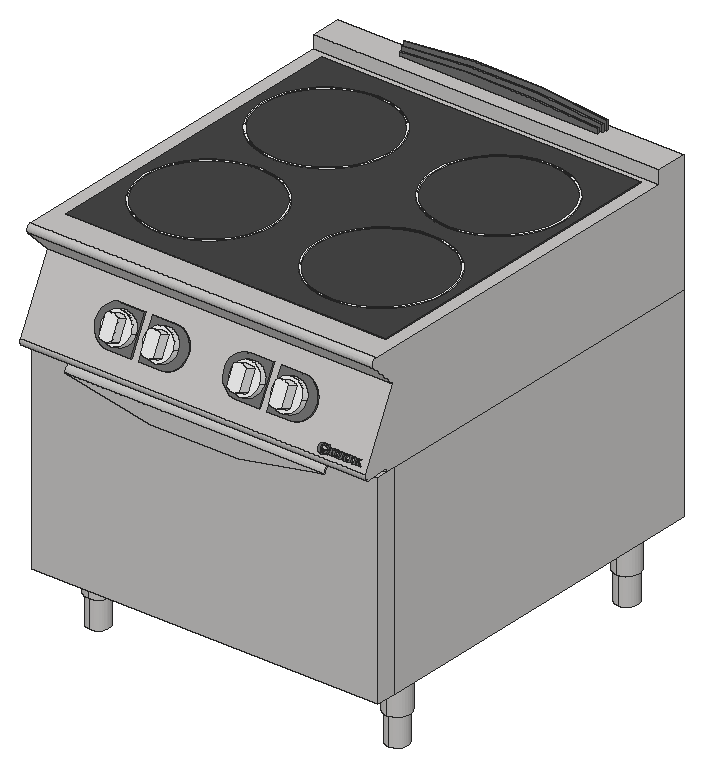
Revit family "QF_GIORIK_CV940E", category Specialty Equipment, Revit 2014
Parameters (values of type "CV940E")
  Weight in Pounds = 341.7161
  Watts = 18000 W
  Volts = 400 V
  URL Cutsheet = "www.giorik.com"
  URL = "www.giorik.com"
  Status [instance] = ""
  Specification by User [instance] = ""
  Specification by Manufacturer = ""
  Show Logo [instance] = yes
  Show Clearance [instance] = yes
  Serial Number = ""
  Seismic Rating = ""
  SMACNA No = ""
  Revision Code [instance] = ""
  Phase = 3
  Number of Poles [instance] = 3
  NAFEM Spec ID Number = ""
  Model = "CV940E"
  Min Ckt Ampacity = 0 A
  Max Overcurrent Protection = 0 A
  Masterspec = ""
  Manufacturer = "GIORIK"
  Item Number [instance] = ""
  Installed By [instance] = ""
  Identify Quantity as Lot [instance] = no
  HP = "24.138360000000"
  Furnished By [instance] = ""
  Foodservice Equipment Identifier [instance] = yes
  FL Amps = 0 A
  Electrical Remarks [instance] = ""
  Electric Connection Type [instance] = ""
  Elec Conn RI Height [instance] = 0 mm
  Elec Conn Connection Height [instance] = 150 mm
  Description = "CERAMIC GLASS HOB ON ELECTRIC OVEN"
  Cycle = 50 Hz
  Conn Plug = ""
  CSI MasterFormat = ""
  Assembly Code = "E1090320"
  Apparent Power = 18000 VA
Reference planes
  plane 1 "Back": y = 0
  plane 2: z = 0
  plane 3 "Left": x = 0
  plane 4 "Right": x = 800
  plane 5 "Front": y = -920
  plane 6 "Top": z = 900
Forms (mm)
  Extrusion 1, solid, visible <- "Show Logo"
    sketch origin (591.604, -936.624, 609.486) x (-1, 0, 0) y (0, 0.452718, 0.891654)
      loop
        line (-118.824, 58.358) -> (-127.804, 58.358) -> (-125.523, 56.445) -> (-125.523, 48.027) -> (-127.804, 46.113) -> (-118.824, 46.113) -> (-121.105, 48.027) -> (-121.105, 56.445) -> (-118.824, 58.358)
      loop
        line (-163.721, 58.358) -> (-172.7, 58.358) -> (-170.42, 56.445) -> (-170.42, 48.027) -> (-172.7, 46.113) -> (-163.721, 46.113) -> (-166.001, 48.027) -> (-166.001, 56.445) -> (-163.721, 58.358)
      loop
        line (-174.332, 58.358) -> (-183.312, 58.358) -> (-181.031, 56.445) -> (-181.031, 52.435) -> (-186.419, 56.955) -> (-184.416, 58.358) -> (-191.268, 58.358) -> (-188.01, 56.839) -> (-185.455, 54.283) -> (-190.846, 47.858) -> (-193.396, 46.93) -> (-193.396, 46.113) -> (-184.416, 46.113) -> (-185.437, 47.571) -> (-182.443, 51.552) -> (-181.031, 50.894) -> (-181.031, 48.027) -> (-183.312, 46.113) -> (-174.332, 46.113) -> (-176.613, 48.027) -> (-176.613, 56.445) -> (-174.332, 58.358)
      loop
        line (-115.429, 62.063) -> (-115.429, 54.198)
        arc (-115.429, 54.198) -> (-111.618, 57.803) -> (-106.847, 59.986) r 16.039
        arc (-106.847, 59.986) -> (-103.314, 59.837) -> (-100.512, 57.68) r 5.851
        arc (-100.512, 57.68) -> (-98.815, 52.267) -> (-100.512, 46.853) r 9.479
        arc (-100.512, 46.853) -> (-102.406, 44.986) -> (-104.846, 43.93) r 7.236
        arc (-104.846, 43.93) -> (-107.728, 44.111) -> (-110.052, 45.825) r 5.11
        line (-110.052, 45.825) -> (-110.052, 52.001) -> (-116.141, 52.001) -> (-116.141, 45.503) -> (-117.893, 43.751) -> (-114.094, 44.769)
        arc (-114.094, 44.769) -> (-112.56, 44.947) -> (-111.129, 44.366) r 3.115
        arc (-111.129, 44.366) -> (-104.216, 42.091) -> (-97.303, 44.366) r 11.641
        arc (-97.303, 44.366) -> (-93.396, 52.107) -> (-97.303, 59.849) r 9.622
        arc (-97.303, 59.849) -> (-104.369, 62.174) -> (-111.435, 59.849) r 11.898
        line (-111.435, 59.849) -> (-115.429, 62.063)
      loop
        arc (-129.234, 56.068) -> (-135.893, 58.628) -> (-142.552, 56.068) r 9.941
        arc (-142.552, 56.068) -> (-144.234, 52.286) -> (-142.552, 48.505) r 5.093
        arc (-142.552, 48.505) -> (-135.893, 45.945) -> (-129.234, 48.505) r 9.941
        arc (-129.234, 48.505) -> (-127.552, 52.286) -> (-129.234, 56.068) r 5.093
      loop
        arc (-132.628, 54.403) -> (-135.893, 57.668) -> (-139.158, 54.403) r 3.265
        line (-139.158, 54.403) -> (-139.158, 50.169)
        arc (-139.158, 50.169) -> (-135.893, 46.904) -> (-132.628, 50.169) r 3.265
        line (-132.628, 50.169) -> (-132.628, 54.403)
      loop
        arc (-156.363, 58.365) -> (-159.647, 55.081) -> (-156.363, 51.796) r 3.285
        line (-156.363, 51.796) -> (-159.529, 47.306) -> (-162.087, 46.113) -> (-155.847, 46.113) -> (-153.529, 51.083) -> (-150.637, 51.083) -> (-150.637, 47.784) -> (-153.022, 46.113) -> (-144.011, 46.113) -> (-146.094, 47.68) -> (-146.094, 56.493) -> (-144.229, 58.365) -> (-156.363, 58.365)
      loop
        line (-150.637, 57.512) -> (-153.637, 57.512)
        arc (-153.637, 57.512) -> (-156.237, 54.912) -> (-153.637, 52.312) r 2.6
        line (-153.637, 52.312) -> (-150.637, 52.312) -> (-150.637, 57.512)
      loop
        line (-108.924, 52.001) -> (-104.936, 49.005) -> (-100.948, 52.001) -> (-108.924, 52.001)
    from 1.5 to -0.5
  Extrusion 2, solid
    sketch origin (-16, 1025.948, 0) x (1, 0, 0) y (0, 1, 0)
      loop
        line (25, -1086.81) -> (25, -1156.81) -> (115, -1156.81) -> (115, -1086.81) -> (25, -1086.81)
    from 148 to 150
  Extrusion 3, solid
    sketch origin (-4, 0.138, 130) x (1, 0, 0) y (0, 1, 0)
      loop
        circle (54, -385) r 12.5
    from 0 to 20
  Extrusion 4, solid
    sketch origin (0, 800.138, -20) x (0, 1, 0) y (0, 0, 1)
      loop
        line (-800.138, 919.988) -> (-870.138, 919.988) -> (-870.138, 889.988) -> (-1688.806, 889.988)
        arc (-1688.806, 889.988) -> (-1699.151, 883.075) -> (-1696.724, 870.873) r 11.197
        line (-1696.724, 870.873) -> (-1640.876, 815.025) -> (-1718.948, 661.258)
        arc (-1718.948, 661.258) -> (-1718.233, 650.105) -> (-1708.118, 645.354) r 10.981
        line (-1708.118, 645.354) -> (-1660, 649.925) -> (-1660, 640) -> (-800.138, 640) -> (-800.138, 919.988)
    from 0 to 800
  Extrusion 5, solid
    sketch origin (0, -199.862, 599.536) x (1, 0, 0) y (0, 1, 0)
      loop
        line (0, -640) -> (40, -640) -> (40, 159.862) -> (760, 159.862) -> (760, -640) -> (800, -640) -> (800, 199.862) -> (0, 199.862) -> (0, -640)
    from -449.536 to 20.464
  Extrusion 6, solid
    sketch origin (0, -199.862, 0) x (1, 0, 0) y (0, 1, 0)
      loop
        line (40, 159.862) -> (40, -640) -> (760, -640) -> (760, 159.862) -> (40, 159.862)
    from 150 to 190
  Extrusion 7, solid
    sketch origin (-16, 360.948, 0) x (1, 0, 0) y (0, 1, 0)
      loop
        line (25, -1086.81) -> (25, -1156.81) -> (115, -1156.81) -> (115, -1086.81) -> (25, -1086.81)
    from 148 to 150
  Revolve 8, solid
    sketch origin (54, 360.948, 0) x (0, 1, 0) y (0, 0, 1)
      loop
        line (-1092.56, 66) -> (-1092.56, 148) -> (-1121.81, 148) -> (-1121.81, 0) -> (-1096.81, 0) -> (-1096.81, 66) -> (-1092.56, 66)
      axis (-1121.81, 0) -> (-1121.81, 148)
    angle from 0 to 360
  Revolve 9, solid
    sketch origin (54, 1025.948, 0) x (0, 1, 0) y (0, 0, 1)
      loop
        line (-1092.56, 66) -> (-1092.56, 148) -> (-1121.81, 148) -> (-1121.81, 0) -> (-1096.81, 0) -> (-1096.81, 66) -> (-1092.56, 66)
      axis (-1121.81, 0) -> (-1121.81, 148)
    angle from 0 to 360
  Revolve 10, solid
    sketch origin (746, 360.948, 0) x (0, 1, 0) y (0, 0, -1)
      loop
        line (-1092.56, -66) -> (-1096.81, -66) -> (-1096.81, 0) -> (-1121.81, 0) -> (-1121.81, -148) -> (-1092.56, -148) -> (-1092.56, -66)
      axis (-1121.81, 0) -> (-1121.81, -148)
    angle from 0 to 360
  Extrusion 11, solid
    sketch origin (816, -1217.672, 0) x (-1, 0, 0) y (0, -1, 0)
      loop
        line (25, -1086.81) -> (25, -1156.81) -> (115, -1156.81) -> (115, -1086.81) -> (25, -1086.81)
    from 148 to 150
  Revolve 12, solid
    sketch origin (746, -1217.672, 0) x (0, -1, 0) y (0, 0, 1)
      loop
        line (-1092.56, 66) -> (-1092.56, 148) -> (-1121.81, 148) -> (-1121.81, 0) -> (-1096.81, 0) -> (-1096.81, 66) -> (-1092.56, 66)
      axis (-1121.81, 0) -> (-1121.81, 148)
    angle from 0 to 360
  Extrusion 13, solid
    sketch origin (-220.755, -1163.208, 52.363) x (1, 0, 0) y (0, 0.452718, 0.891654)
      loop
        line (463.221, 676.25) -> (463.221, 766.25) -> (409.698, 766.25)
        arc (409.698, 766.25) -> (364.698, 721.25) -> (409.698, 676.25) r 45
        line (409.698, 676.25) -> (463.221, 676.25)
    from 48 to 50
  Extrusion 14, solid
    sketch origin (553.797, -1208.559, 74.959) x (-1, 0, 0) y (0, -0.45351, -0.891251)
      loop
        circle (351.331, -721.346) r 35
    from 0 to 15
  Extrusion 15, solid
    sketch origin (553.797, -1208.559, 74.959) x (-1, 0, 0) y (0, -0.45351, -0.891251)
      loop
        arc (336.331, -743.846) -> (351.331, -748.846) -> (366.331, -743.846) r 25
        line (366.331, -743.846) -> (366.331, -698.846)
        arc (366.331, -698.846) -> (351.331, -693.846) -> (336.331, -698.846) r 25
        line (336.331, -698.846) -> (336.331, -743.846)
    from 15 to 40
  Extrusion 16, solid
    sketch origin (723.221, -1163.208, 52.363) x (-1, 0, 0) y (0, -0.452718, -0.891654)
      loop
        line (463.221, -676.25) -> (409.698, -676.25)
        arc (409.698, -676.25) -> (364.698, -721.25) -> (409.698, -766.25) r 45
        line (409.698, -766.25) -> (463.221, -766.25) -> (463.221, -676.25)
    from 48 to 50
  Extrusion 17, solid
    sketch origin (-51.331, -1208.559, 74.959) x (1, 0, 0) y (0, 0.45351, 0.891251)
      loop
        circle (351.331, 721.346) r 35
    from 0 to 15
  Extrusion 18, solid
    sketch origin (-51.331, -1208.559, 74.959) x (1, 0, 0) y (0, 0.45351, 0.891251)
      loop
        line (336.331, 743.846) -> (336.331, 698.846)
        arc (336.331, 698.846) -> (351.331, 693.846) -> (366.331, 698.846) r 25
        line (366.331, 698.846) -> (366.331, 743.846)
        arc (366.331, 743.846) -> (351.331, 748.846) -> (336.331, 743.846) r 25
    from 15 to 40
  Extrusion 19, solid
    sketch origin (76.779, -1163.208, 52.363) x (1, 0, 0) y (0, 0.452718, 0.891654)
      loop
        line (463.221, 676.25) -> (463.221, 766.25) -> (409.698, 766.25)
        arc (409.698, 766.25) -> (364.698, 721.25) -> (409.698, 676.25) r 45
        line (409.698, 676.25) -> (463.221, 676.25)
    from 48 to 50
  Extrusion 20, solid
    sketch origin (851.331, -1208.559, 74.959) x (-1, 0, 0) y (0, -0.45351, -0.891251)
      loop
        circle (351.331, -721.346) r 35
    from 0 to 15
  Extrusion 21, solid
    sketch origin (851.331, -1208.559, 74.959) x (-1, 0, 0) y (0, -0.45351, -0.891251)
      loop
        arc (336.331, -743.846) -> (351.331, -748.846) -> (366.331, -743.846) r 25
        line (366.331, -743.846) -> (366.331, -698.846)
        arc (366.331, -698.846) -> (351.331, -693.846) -> (336.331, -698.846) r 25
        line (336.331, -698.846) -> (336.331, -743.846)
    from 15 to 40
  Extrusion 22, solid
    sketch origin (1020.755, -1163.208, 52.363) x (-1, 0, 0) y (0, -0.452718, -0.891654)
      loop
        line (463.221, -676.25) -> (409.698, -676.25)
        arc (409.698, -676.25) -> (364.698, -721.25) -> (409.698, -766.25) r 45
        line (409.698, -766.25) -> (463.221, -766.25) -> (463.221, -676.25)
    from 48 to 50
  Extrusion 23, solid
    sketch origin (246.203, -1208.559, 74.959) x (1, 0, 0) y (0, 0.45351, 0.891251)
      loop
        circle (351.331, 721.346) r 35
    from 0 to 15
  Extrusion 24, solid
    sketch origin (246.203, -1208.559, 74.959) x (1, 0, 0) y (0, 0.45351, 0.891251)
      loop
        line (336.331, 743.846) -> (336.331, 698.846)
        arc (336.331, 698.846) -> (351.331, 693.846) -> (366.331, 698.846) r 25
        line (366.331, 698.846) -> (366.331, 743.846)
        arc (366.331, 743.846) -> (351.331, 748.846) -> (336.331, 743.846) r 25
    from 15 to 40
  Extrusion 25, solid
    sketch origin (36.031, 0.038, -10.001) x (1, 0, 0) y (0, 0, 1)
      loop
        line (135, 909.989) -> (592.969, 909.989) -> (592.969, 919.989) -> (440.969, 929.989) -> (287, 929.989) -> (135, 919.989) -> (135, 909.989)
    from 32 to 35
  Extrusion 26, solid
    sketch origin (38, 10.038, -10.001) x (1, 0, 0) y (0, 0, 1)
      loop
        line (594, 909.989) -> (594, 924.989) -> (440, 937.489) -> (284, 937.489) -> (130, 925.001) -> (130, 909.989) -> (594, 909.989)
    from 32 to 35
  Extrusion 27, solid
    sketch origin (40, 20.038, -10.001) x (1, 0, 0) y (0, 0, 1)
      loop
        line (595, 909.989) -> (595, 930.001) -> (439, 945.258) -> (281, 945.258) -> (125, 929.989) -> (125, 909.989) -> (595, 909.989)
    from 32 to 35
  Extrusion 28, solid
    sketch origin (0.216, -199.623, 821) x (0, 1, 0) y (-1, 0, 0)
      loop
        line (-625, -30) -> (-625, -769.568) -> (115, -769.568) -> (115, -30) -> (-625, -30)
    from 48 to 50
  Extrusion 29, solid
    sketch origin (0.216, -199.623, 821) x (0, 1, 0) y (-1, 0, 0)
      loop
        line (-625, -30) -> (-625, -769.568) -> (115, -769.568) -> (115, -30) -> (-625, -30)
    from 48 to 50
  Extrusion 30, solid
    sketch origin (10.216, -516.123, 848.488) x (0, -1, 0) y (1, 0, 0)
      loop
        circle (-231.5, 189.999) r 150
      loop
        circle (-231.5, 189.999) r 146.5
    from 23 to 20.512
  Extrusion 31, solid
    sketch origin (10.216, -856.123, 848.488) x (0, -1, 0) y (1, 0, 0)
      loop
        circle (-231.5, 189.999) r 150
      loop
        circle (-231.5, 189.999) r 146.5
    from 23 to 20.512
  Extrusion 32, solid
    sketch origin (409.816, -516.123, 848.488) x (0, -1, 0) y (1, 0, 0)
      loop
        circle (-231.5, 189.999) r 150
      loop
        circle (-231.5, 189.999) r 146.5
    from 23 to 20.512
  Extrusion 33, solid
    sketch origin (409.816, -856.123, 848.488) x (0, -1, 0) y (1, 0, 0)
      loop
        circle (-231.5, 189.999) r 150
      loop
        circle (-231.5, 189.999) r 146.5
    from 23 to 20.512
  Extrusion 34, solid
    sketch origin (0, -924.862, 0) x (1, 0, 0) y (0, 0, 1)
      loop
        line (0, 620) -> (0, 150) -> (800, 150) -> (800, 620) -> (0, 620)
    from -85 to -40
  Extrusion 35, solid
    sketch origin (2.5, -924.862, -20.1) x (0, 1, 0) y (0, 0, 1)
      loop
        arc (25, 640.1) -> (14.393, 635.707) -> (10, 625.1) r 15
        line (10, 625.1) -> (12, 625.1)
        arc (12, 625.1) -> (15.808, 634.292) -> (25, 638.1) r 13
        line (25, 638.1) -> (40, 638.1) -> (40, 640.1) -> (25, 640.1)
    from 97.5 to 697.5
  Extrusion 36, solid
    sketch origin (2.5, -924.767, -20.1) x (1, 0, 0) y (0, 0, 1)
      loop
        arc (97.5, 625.1) -> (397.5, 582.413) -> (697.5, 625.1) r 1075.531
        line (697.5, 625.1) -> (97.5, 625.1)
    from -11.905 to -9.905
  Extrusion 37, solid, visible <- "Show Clearance", detail levels coarse
    sketch origin (0, -199.862, 0) x (0, 1, 0) y (0, 0, 1)
      loop
        line (-685, 150) -> (-685, 620)
        arc (-685, 620) -> (-1017.34, 482.34) -> (-1155, 150) r 470
        line (-1155, 150) -> (-685, 150)
    from 0 to 800
Lines and regions (mm)
  symbolic lines, style "200-EquipBorder-2D"
    curve 1: line (0, -920, 0) -> (800, -920, 0)
    curve 2: line (800, -920, 0) -> (800, 0, 0)
    curve 3: line (800, 0, 0) -> (0, 0, 0)
    curve 4: line (0, 0, 0) -> (0, -920, 0)
    curve 33: line (187.465, -927.276, 900) -> (187.465, -920, 900)
    curve 34: line (217.465, -927.276, 900) -> (217.465, -920, 900)
    curve 35: line (285, -927.276, 900) -> (285, -920, 900)
    curve 36: line (315, -927.276, 900) -> (315, -920, 900)
    curve 37: line (485, -927.276, 900) -> (485, -920, 900)
    curve 38: line (515, -927.276, 900) -> (515, -920, 900)
    curve 39: line (582.535, -927.276, 900) -> (582.535, -920, 900)
    curve 40: line (612.535, -927.276, 900) -> (612.535, -920, 900)
    curve 41: arc (612.535, -927.276, 900) -> (597.535, -929.648, 900) -> (582.535, -927.276, 900) r 48.612
    curve 42: arc (515, -927.276, 900) -> (500, -929.625, 900) -> (485, -927.276, 900) r 49.058
    curve 43: arc (285, -927.276, 900) -> (300, -929.626, 900) -> (315, -927.276, 900) r 49.044
    curve 44: arc (217.465, -927.276, 900) -> (202.465, -929.506, 900) -> (187.465, -927.276, 900) r 51.565
  symbolic lines, style "200-EquipInternal-2D"
    curve 5: line (0, -70, 900) -> (800, -70, 900)
    curve 6: line (165, -11.962, 900) -> (635, -11.962, 900)
    curve 7: line (635, -11.962, 900) -> (635, -14.962, 900)
    curve 8: line (635, -14.962, 900) -> (165, -14.962, 900)
    curve 9: line (165, -14.962, 900) -> (165, -11.962, 900)
    curve 10: line (168, -21.962, 900) -> (632, -21.962, 900)
    curve 11: line (632, -21.962, 900) -> (632, -24.962, 900)
    curve 12: line (632, -24.962, 900) -> (168, -24.962, 900)
    curve 13: line (168, -24.962, 900) -> (168, -21.962, 900)
    curve 14: line (171.031, -31.962, 900) -> (629, -31.962, 900)
    curve 15: line (629, -31.962, 900) -> (629, -34.962, 900)
    curve 16: line (629, -34.962, 900) -> (171.031, -34.962, 900)
    curve 17: line (171.031, -34.962, 900) -> (171.031, -31.962, 900)
    curve 18: circle (200.215, -284.623, 900) r 150 normal (0, 0, 1)
    curve 19: circle (200.215, -284.623, 900) r 146.5 normal (0, 0, 1)
    curve 20: circle (200.215, -624.623, 900) r 150 normal (0, 0, 1)
    curve 21: circle (200.215, -624.623, 900) r 146.5 normal (0, 0, 1)
    curve 22: line (30.216, -84.623, 900) -> (769.784, -84.623, 900)
    curve 23: line (30.216, -824.623, 900) -> (30.216, -84.623, 900)
    curve 24: line (769.784, -824.623, 900) -> (30.216, -824.623, 900)
    curve 25: line (769.784, -84.623, 900) -> (769.784, -824.623, 900)
    curve 26: circle (599.815, -284.623, 900) r 150 normal (0, 0, 1)
    curve 27: circle (599.815, -284.623, 900) r 146.5 normal (0, 0, 1)
    curve 28: circle (599.815, -624.623, 900) r 150 normal (0, 0, 1)
    curve 29: circle (599.815, -624.623, 900) r 146.5 normal (0, 0, 1)
  symbolic lines, style "QF_Door-Drawer Clearances", visible <- "Show Clearance", detail levels coarse
    curve 30: line (0, -920, 900) -> (0, -1354.862, 900)
    curve 31: line (800, -1354.862, 900) -> (800, -919.862, 900)
    curve 32: line (0, -1354.862, 900) -> (800, -1354.862, 900)
Dimensions and locks
  plane 3 "Left" to plane 4 "Right" = 800 mm
  plane 5 "Front" to plane 1 "Back" = 920 mm
  plane 4 "Right" to plane 3 "Left" = 800 mm
  plane 1 "Back" to plane 5 "Front" = 920 mm
  plane 6 "Top" to level = 900 mm  (x2)
  aligned and locked: level to plane 2
Connectors
  electrical at (50, -384.862, 130), driven by "Apparent Power", driven by "Volts", driven by "Number of Poles"
    settings: on Extrusion 3, index 1, voltage 400 V, apparent load 0 VA, apparent load phase1 18000 VA, apparent load phase2 0 VA, apparent load phase3 0 VA, power factor 1, load classification "Other", number of poles 3, system type 31, power factor state 1, is connector primary yes, connector utility no, sub classification motor no, connector description "Electrical connection"
